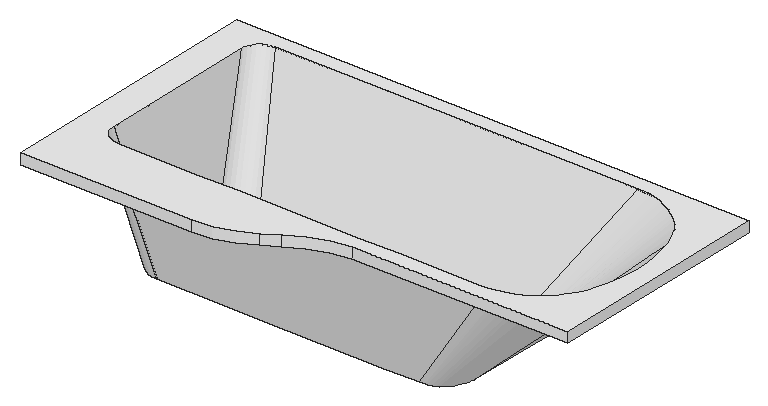
Revit family "NLRS_74_PF_UN_bad_S8B13A11000_SPHINX_BCB", category Plumbing Fixtures, Revit 2016
Family settings
  Part Type = Normal
  Round Connector Dimension = Use Radius
  OmniClass Number = 23.45.00.00
  OmniClass Title = Sanitary, Laundry, and Cleaning Equipment
  Work Plane-Based = No
  Always vertical = Yes
  Cut with Voids When Loaded = No
  Shared = No
  Room Calculation Point = No
Parameters
  NLRS_C_type = ""
  NLRS_C_serie = ""
  radius = 26 mm
  NLRS_C_revit_versie = "2016"
  NLRS_C_content_versie = "2.0"
  NLRS_C_content_provider = "BouwConnect"
  NLRS_C_content_datum_uitgifte = "APR-2018"
  NLRS_C_content_datum_gewijzigd = "APR-2018"
  NLRS_C_content_creator = "BouwConnect"
  NLRS_C_URL_product_data = "http://www.sphinx.nl/producten/baden/asymmetrische-baden/b100comfort-plus-family-%7C-bad-170x9075-links/36843/"
  NLRS_C_code_artikel = "S8B13A11000"
  WFU = 0
  URL = "http://www.sphinx.nl/"
  NLRS_S_gewicht = 0.00 kg
  NLRS_C_materiaal = NLRS_n6_acryl_wit_Sphinx
  NLRS_C_lengte = 1700 mm
  NLRS_C_hoogte = 440 mm
  NLRS_C_diameter_uit = 50 mm
  NLRS_C_breedte = 900 mm
  Model = ""
  Manufacturer = "Sphinx"
  Keynote = ""
  IfcTypeProduct = "IfcSanitaryTerminalType"
  IfcExportType = "BATH"
  IfcExportAs = "IfcSanitaryTerminalTypeEnum"
  IfcElement = "IfcFlowTerminal"
  NLRS_C_code_EAN = ""
  Description = "bad"
  NLRS_C_URL_BCB = "http://bcb-online.nl/?zoekterm=Sphinx+++%5bGeberit+B.V.%5d"
  Assembly Code = ""
Reference planes
  plane 1 "Center (Front/Back)": y = 0
  plane 2: z = 0
  plane 3 "Center (Left/Right)": x = 0
  plane 4: z = 440
  plane 5: z = -440
Forms (mm)
  Extrusion 1, solid, material "NLRS_n6_acryl_wit_Sphinx" <- "NLRS_C_materiaal", detail levels medium+fine
    sketch origin (0, 0, 0) x (1, 0, 0) y (0, 1, 0)
      loop
        line (-285, 375) -> (-285, -525) -> (285.497, -525)
        arc (285.497, -525) -> (380.497, -510.665) -> (467.037, -468.936) r 321.951
        line (467.037, -468.936) -> (516.592, -441.467)
        arc (516.592, -441.467) -> (603.219, -397.622) -> (697.638, -375) r 416.94
        line (697.638, -375) -> (1415, -375) -> (1415, 375) -> (-285, 375)
    from -35 to 0
  Blend 2, solid, material "NLRS_n6_acryl_wit_Sphinx" <- "NLRS_C_materiaal", detail levels medium+fine
    base sketch origin (0, 0, 0) x (1, 0, 0) y (0, 1, 0)
      loop
        arc (-160, -135) -> (-136.569, -191.569) -> (-80, -215) r 80
        line (-80, -215) -> (794, -215)
        arc (794, -215) -> (864.711, -185.711) -> (894, -115) r 100
        line (894, -115) -> (894, 115)
        arc (894, 115) -> (864.711, 185.711) -> (794, 215) r 100
        line (794, 215) -> (-80, 215)
        arc (-80, 215) -> (-136.569, 191.569) -> (-160, 135) r 80
        line (-160, 135) -> (-160, -135)
    top sketch origin (0, 0, 0) x (1, 0, 0) y (0, 1, 0)
      loop
        arc (-188.563, -265.743) -> (-168.035, -315.266) -> (-118.491, -335.743) r 70
        line (-118.491, -335.743) -> (1092.843, -334.5)
        arc (1092.843, -334.5) -> (1241.659, -286.362) -> (1334.345, -160.375) r 254.9
        arc (1334.345, -160.375) -> (1360.427, 0.01) -> (1334.339, 160.394) r 506.096
        arc (1334.339, 160.394) -> (1242.05, 286.086) -> (1093.824, 334.507) r 254.9
        arc (1093.824, 334.507) -> (487.406, 335.762) -> (-119.01, 333.6) r 107612.079
        arc (-119.01, 333.6) -> (-168.218, 312.94) -> (-188.563, 263.601) r 70
        line (-188.563, 263.601) -> (-188.563, -265.743)
    from -440 to -35
  Blend 3, void, detail levels medium+fine
    base sketch origin (0, 0, 0) x (1, 0, 0) y (0, 1, 0)
      loop
        line (794, 210) -> (-80, 210)
        arc (-80, 210) -> (-133.033, 188.033) -> (-155, 135) r 75
        line (-155, 135) -> (-155, -135)
        arc (-155, -135) -> (-133.033, -188.033) -> (-80, -210) r 75
        line (-80, -210) -> (794, -210)
        arc (794, -210) -> (861.175, -182.175) -> (889, -115) r 95
        line (889, -115) -> (889, 115)
        arc (889, 115) -> (861.175, 182.175) -> (794, 210) r 95
    top sketch origin (0, 0, 0) x (1, 0, 0) y (0, 1, 0)
      loop
        line (-183.563, 264.694) -> (-183.563, -265.243)
        arc (-183.563, -265.243) -> (-164.355, -311.582) -> (-117.996, -330.743) r 65.5
        line (-117.996, -330.743) -> (1089.14, -329.504)
        arc (1089.14, -329.504) -> (1239.548, -280.232) -> (1331.912, -151.704) r 255
        arc (1331.912, -151.704) -> (1355.427, 0.025) -> (1331.896, 151.752) r 501.096
        arc (1331.896, 151.752) -> (1239.924, 279.974) -> (1090.108, 329.525) r 255
        arc (1090.108, 329.525) -> (485.017, 330.76) -> (-120.071, 328.593) r 107607.079
        arc (-120.071, 328.593) -> (-164.991, 309.734) -> (-183.563, 264.694) r 63.9
    from -430 to 5
  Extrusion 4, solid, material "NLRS_n6_acryl_wit_Sphinx" <- "NLRS_C_materiaal", detail levels coarse
    sketch origin (0, 0, 0) x (1, 0, 0) y (0, 1, 0)
      loop
        line (-285, 375) -> (-285, -525) -> (282.62, -525)
        arc (282.62, -525) -> (363.242, -514.744) -> (438.728, -484.628) r 322
        line (438.728, -484.628) -> (564.799, -414.746)
        arc (564.799, -414.746) -> (639.113, -385.097) -> (718.483, -375) r 317
        line (718.483, -375) -> (1415, -375) -> (1415, 375) -> (-285, 375)
    from -440 to 0
  Extrusion 5, void, detail levels coarse
    sketch origin (0, 0, 0) x (1, 0, 0) y (0, 1, 0)
      loop
        arc (-188.568, -265.743) -> (-168.04, -315.266) -> (-118.496, -335.743) r 70
        line (-118.496, -335.743) -> (1092.79, -334.501)
        arc (1092.79, -334.501) -> (1241.517, -286.448) -> (1334.272, -160.649) r 255
        arc (1334.272, -160.649) -> (1360.516, 0.008) -> (1334.267, 160.665) r 504.822
        arc (1334.267, 160.665) -> (1241.405, 286.535) -> (1092.526, 334.508) r 255
        line (1092.526, 334.508) -> (-118.568, 334.508)
        arc (-118.568, 334.508) -> (-168.065, 314.006) -> (-188.568, 264.508) r 70
        line (-188.568, 264.508) -> (-188.568, -265.743)
    from -430 to 10
  Extrusion 6, solid, not visible
    sketch origin (0, 0, 0) x (1, 0, 0) y (0, 1, 0)
      loop
        circle (0, 0) r 68.446
    from -440 to -430
Cuts and joins
  Blend 3 cuts Extrusion 1
  Blend 3 cuts Blend 2
  joined: Extrusion 1, Blend 2
  Extrusion 5 cuts Extrusion 4
Dimensions and locks
  aligned and locked: level to plane 2
  aligned and locked: cut or joined group of Extrusion 4, Extrusion 5 to plane 5
Connectors
  piping at (0, 0, -440), diameter 52, driven by "radius", driven by "WFU"
    settings: on Extrusion 6, index 1, connector inside diameter 609.6 mm, connector length 0 mm, flow factor 0, pipe flow 0.0 L/s, pressure drop 0.0 Pa, fitting loss kfactor 0, connector angle 0.00°, fixture units 0, engagement length 0 mm, angle of deflection 0.00°, flow configuration 3, flow direction 2, fitting loss method 0, system type 16, joint type 0, gender type 0, connector reference index -1, connector utility 0, adjustable connector no, is connector primary yes, connector description "out"
